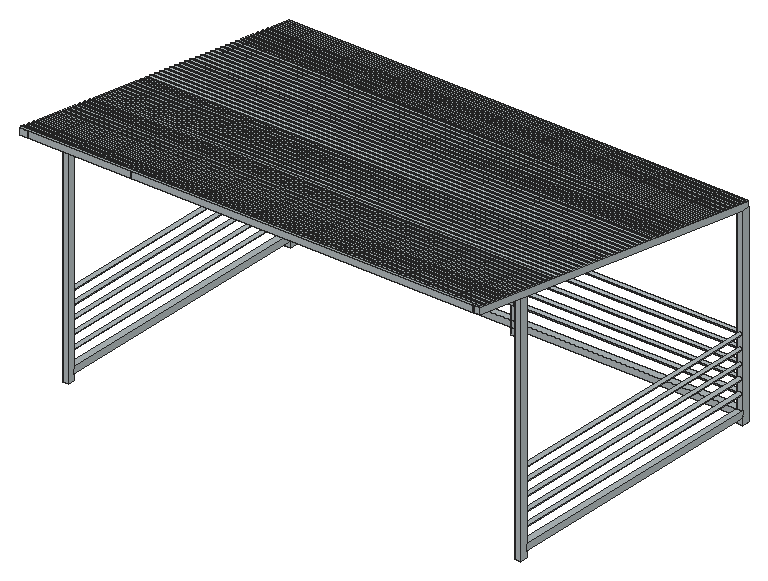
Revit family "8043685 Capella Steel Post Straight Tin Roof Galvanised – Sunken Foundation", category Furniture, Revit 2020
Family settings
  OmniClass Number = 23.21.23.13.15
  Work Plane-Based = No
  Always vertical = Yes
  Cut with Voids When Loaded = No
  Shared = No
  Room Calculation Point = No
Parameters (values of type "8043685 Galvanized")
  Uniclass 1.4 Description = "Furniture"
  Uniclass 1.4 Code = "L8211"
  URL = "https://www.hags.com/"
  QR code = ""
  Product url = "https://www.hags.com/en-us/furniture/park-and-urban-furniture/bicycle-storage/capella-cycle-shed/steel-post-sunken-foundation-straight-tin-roof-jan-2014-galvanised"
  Product name = "Capella Steel Post Vaulted Tin Roof Galvanized -Sunken Foundation"
  Product data url = ""
  Product SKU = ""
  Product Guid = "90e49432-c870-4a59-897e-b15016e8f9bd"
  OmniClass Description = ""
  OmniClass Code = "23-21 23 13 15"
  Model = "8043685"
  Manufacturer name = "HAGS"
  Manufacturer = "Hags"
  IFC Classification = "Furniture"
  Edition number = 1
  Description = "Capella Steel Post Straight Tin Roof "  # constant formula
  Default Elevation = 0 mm
  Construction material = Hags - Steel - Galvanized
  Body material_90 = Hags - Steel - Galvanized
  Body material = Hags - Steel - Galvanized
  BIMobject category = "bicycle-storage"
Reference planes
  plane 1 "Center (Front/Back)": y = 0
  plane 2: z = 0
  plane 3 "Center (Left/Right)": x = 0
Forms (mm)
  Extrusion 1, solid, material "Hags - Steel - Galvanized" <- "Construction material"
    sketch origin (0, 0, 0) x (1, 0, 0) y (0, 1, 0)
      loop
        line (2304.823, 1564.875) -> (2244.823, 1564.875) -> (2244.823, 1504.875) -> (2304.823, 1504.875) -> (2304.823, 1564.875)
      loop
        line (2247.823, 1561.875) -> (2247.823, 1507.875) -> (2301.823, 1507.875) -> (2301.823, 1561.875) -> (2247.823, 1561.875)
    from 0 to 1764.748
  Extrusion 2, solid, material "Hags - Steel - Galvanized" <- "Construction material"
    sketch origin (-4140, 0, 0) x (1, 0, 0) y (0, 1, 0)
      loop
        line (2304.823, 1564.875) -> (2244.823, 1564.875) -> (2244.823, 1504.875) -> (2304.823, 1504.875) -> (2304.823, 1564.875)
      loop
        line (2247.823, 1561.875) -> (2247.823, 1507.875) -> (2301.823, 1507.875) -> (2301.823, 1561.875) -> (2247.823, 1561.875)
    from 0 to 1800
  Extrusion 3, solid, material "Hags - Steel - Galvanized" <- "Construction material"
    sketch origin (0, -2540, 0) x (1, 0, 0) y (0, 1, 0)
      loop
        line (2304.823, 1564.875) -> (2244.823, 1564.875) -> (2244.823, 1504.875) -> (2304.823, 1504.875) -> (2304.823, 1564.875)
      loop
        line (2247.823, 1561.875) -> (2247.823, 1507.875) -> (2301.823, 1507.875) -> (2301.823, 1561.875) -> (2247.823, 1561.875)
    from 0 to 2200
  Extrusion 4, solid, material "Hags - Steel - Galvanized" <- "Construction material"
    sketch origin (-4140, -2540, 0) x (1, 0, 0) y (0, 1, 0)
      loop
        line (2304.823, 1564.875) -> (2244.823, 1564.875) -> (2244.823, 1504.875) -> (2304.823, 1504.875) -> (2304.823, 1564.875)
      loop
        line (2247.823, 1561.875) -> (2247.823, 1507.875) -> (2301.823, 1507.875) -> (2301.823, 1561.875) -> (2247.823, 1561.875)
    from 0 to 2200
  Extrusion 5, solid, material "Hags - Steel - Galvanized" <- "Construction material"
    sketch origin (0, 0, 1720) x (1, 0, 0) y (0, 1, 0)
      loop
        line (-1835.177, 1564.875) -> (-1835.177, 1504.875) -> (2244.823, 1504.875) -> (2244.823, 1564.875) -> (-1835.177, 1564.875)
    from 0 to 92.5
  Extrusion 6, solid, material "Hags - Steel - Galvanized" <- "Construction material"
    sketch origin (-1895, 0, 12.5) x (0, 1, 0) y (0, 0, 1)
      loop
        line (-1507.214, 2214.85) -> (1564.875, 1739.285) -> (1564.875, 1800) -> (-1507.214, 2275.565) -> (-1507.214, 2214.85)
    from -8.457 to 60
  Extrusion 7, solid, material "Hags - Steel - Galvanized" <- "Construction material"
    sketch origin (0, 438.948, 1324.714) x (1, 0, 0) y (0, 0.707107, -0.707107)
      loop
        line (-1835.177, 1519.875) -> (2244.823, 1519.875) -> (2244.823, 1549.875) -> (-1835.177, 1549.875) -> (-1835.177, 1519.875)
    from 0 to 30
  Extrusion 8, solid, material "Hags - Steel - Galvanized" <- "Construction material"
    sketch origin (0, 438.948, 1447.14) x (1, 0, 0) y (0, 0.707107, -0.707107)
      loop
        line (-1835.177, 1519.875) -> (2244.823, 1519.875) -> (2244.823, 1549.875) -> (-1835.177, 1549.875) -> (-1835.177, 1519.875)
    from 0 to 30
  Extrusion 9, solid, material "Hags - Steel - Galvanized" <- "Construction material"
    sketch origin (0, 438.948, 1569.64) x (1, 0, 0) y (0, 0.707107, -0.707107)
      loop
        line (-1835.177, 1519.875) -> (2244.823, 1519.875) -> (2244.823, 1549.875) -> (-1835.177, 1549.875) -> (-1835.177, 1519.875)
    from 0 to 30
  Extrusion 10, solid, material "Hags - Steel - Galvanized" <- "Construction material"
    sketch origin (0, 438.948, 1692.14) x (1, 0, 0) y (0, 0.707107, -0.707107)
      loop
        line (-1835.177, 1519.875) -> (2244.823, 1519.875) -> (2244.823, 1549.875) -> (-1835.177, 1549.875) -> (-1835.177, 1519.875)
    from 0 to 30
  Extrusion 11, solid, material "Hags - Steel - Galvanized" <- "Construction material"
    sketch origin (0, 438.948, 1814.64) x (1, 0, 0) y (0, 0.707107, -0.707107)
      loop
        line (-1835.177, 1519.875) -> (2244.823, 1519.875) -> (2244.823, 1549.875) -> (-1835.177, 1549.875) -> (-1835.177, 1519.875)
    from 0 to 30
  Extrusion 12, solid, material "Hags - Steel - Galvanized" <- "Construction material"
    sketch origin (0, 0, 60) x (1, 0, 0) y (0, 1, 0)
      loop
        line (-1835.177, 1564.875) -> (-1835.177, 1504.875) -> (2244.823, 1504.875) -> (2244.823, 1564.875) -> (-1835.177, 1564.875)
    from 0 to 60
  Extrusion 13, solid, material "Hags - Steel - Galvanized" <- "Construction material"
    sketch origin (1178.896, -315.401, 1324.714) x (0, -1, 0) y (0.707107, 0, -0.707107)
      loop
        line (-1820.276, 1519.875) -> (659.724, 1519.875) -> (659.724, 1549.875) -> (-1820.276, 1549.875) -> (-1820.276, 1519.875)
    from 0 to 30
  Extrusion 14, solid, material "Hags - Steel - Galvanized" <- "Construction material"
    sketch origin (1178.896, -315.401, 1447.14) x (0, -1, 0) y (0.707107, 0, -0.707107)
      loop
        line (-1820.276, 1519.875) -> (659.724, 1519.875) -> (659.724, 1549.875) -> (-1820.276, 1549.875) -> (-1820.276, 1519.875)
    from 0 to 30
  Extrusion 15, solid, material "Hags - Steel - Galvanized" <- "Construction material"
    sketch origin (1178.896, -315.401, 1569.64) x (0, -1, 0) y (0.707107, 0, -0.707107)
      loop
        line (-1820.276, 1519.875) -> (659.724, 1519.875) -> (659.724, 1549.875) -> (-1820.276, 1549.875) -> (-1820.276, 1519.875)
    from 0 to 30
  Extrusion 16, solid, material "Hags - Steel - Galvanized" <- "Construction material"
    sketch origin (1178.896, -315.401, 1692.14) x (0, -1, 0) y (0.707107, 0, -0.707107)
      loop
        line (-1820.276, 1519.875) -> (659.724, 1519.875) -> (659.724, 1549.875) -> (-1820.276, 1549.875) -> (-1820.276, 1519.875)
    from 0 to 30
  Extrusion 17, solid, material "Hags - Steel - Galvanized" <- "Construction material"
    sketch origin (1178.896, -315.401, 1814.64) x (0, -1, 0) y (0.707107, 0, -0.707107)
      loop
        line (-1820.276, 1519.875) -> (659.724, 1519.875) -> (659.724, 1549.875) -> (-1820.276, 1549.875) -> (-1820.276, 1519.875)
    from 0 to 30
  Extrusion 18, solid, material "Hags - Steel - Galvanized" <- "Construction material"
    sketch origin (739.949, -315.401, 60) x (0, -1, 0) y (1, 0, 0)
      loop
        line (-1820.276, 1564.875) -> (-1820.276, 1504.875) -> (659.724, 1504.875) -> (659.724, 1564.875) -> (-1820.276, 1564.875)
    from 0 to 60
  Extrusion 19, solid, material "Hags - Steel - Galvanized" <- "Construction material"
    sketch origin (-2960.927, -315.401, 1324.714) x (0, -1, 0) y (0.707107, 0, -0.707107)
      loop
        line (-1820.276, 1519.875) -> (659.724, 1519.875) -> (659.724, 1549.875) -> (-1820.276, 1549.875) -> (-1820.276, 1519.875)
    from 0 to 30
  Extrusion 20, solid, material "Hags - Steel - Galvanized" <- "Construction material"
    sketch origin (-2960.927, -315.401, 1447.14) x (0, -1, 0) y (0.707107, 0, -0.707107)
      loop
        line (-1820.276, 1519.875) -> (659.724, 1519.875) -> (659.724, 1549.875) -> (-1820.276, 1549.875) -> (-1820.276, 1519.875)
    from 0 to 30
  Extrusion 21, solid, material "Hags - Steel - Galvanized" <- "Construction material"
    sketch origin (-2960.927, -315.401, 1569.64) x (0, -1, 0) y (0.707107, 0, -0.707107)
      loop
        line (-1820.276, 1519.875) -> (659.724, 1519.875) -> (659.724, 1549.875) -> (-1820.276, 1549.875) -> (-1820.276, 1519.875)
    from 0 to 30
  Extrusion 22, solid, material "Hags - Steel - Galvanized" <- "Construction material"
    sketch origin (-2960.927, -315.401, 1692.14) x (0, -1, 0) y (0.707107, 0, -0.707107)
      loop
        line (-1820.276, 1519.875) -> (659.724, 1519.875) -> (659.724, 1549.875) -> (-1820.276, 1549.875) -> (-1820.276, 1519.875)
    from 0 to 30
  Extrusion 23, solid, material "Hags - Steel - Galvanized" <- "Construction material"
    sketch origin (-2960.927, -315.401, 1814.64) x (0, -1, 0) y (0.707107, 0, -0.707107)
      loop
        line (-1820.276, 1519.875) -> (659.724, 1519.875) -> (659.724, 1549.875) -> (-1820.276, 1549.875) -> (-1820.276, 1519.875)
    from 0 to 30
  Extrusion 24, solid, material "Hags - Steel - Galvanized" <- "Construction material"
    sketch origin (-3399.875, -315.401, 60) x (0, -1, 0) y (1, 0, 0)
      loop
        line (-1820.276, 1564.875) -> (-1820.276, 1504.875) -> (659.724, 1504.875) -> (659.724, 1564.875) -> (-1820.276, 1564.875)
    from 0 to 60
  Extrusion 25, solid, material "Hags - Steel - Galvanized" <- "Construction material"
    sketch origin (0.177, -3012.088, 2228.119) x (1, 0, 0) y (0, 1, 0)
      loop
        line (-1835.177, 1564.875) -> (-1835.177, 1504.875) -> (2244.823, 1504.875) -> (2244.823, 1564.875) -> (-1835.177, 1564.875)
    from 0 to 53.762
  Extrusion 26, solid, material "Hags - Steel - Galvanized" <- "Construction material"
    sketch origin (0.177, -2549.912, 2079.994) x (1, 0, 0) y (0, 1, 0)
      loop
        line (-1835.177, 1564.875) -> (-1835.177, 1504.875) -> (2244.823, 1504.875) -> (2244.823, 1564.875) -> (-1835.177, 1564.875)
    from 0 to 60
  Extrusion 27, solid, material "Hags - Steel - Galvanized" <- "Construction material"
    sketch origin (-2070, 0, 0) x (1, 0, 0) y (0, 1, 0)
      loop
        line (2304.823, 1564.875) -> (2244.823, 1564.875) -> (2244.823, 1504.875) -> (2304.823, 1504.875) -> (2304.823, 1564.875)
      loop
        line (2247.823, 1561.875) -> (2247.823, 1507.875) -> (2301.823, 1507.875) -> (2301.823, 1561.875) -> (2247.823, 1561.875)
    from 0 to 1764.748
  Extrusion 28, solid, material "Hags - Steel - Galvanized" <- "Construction material"
    sketch origin (2244.823, 0, 12.5) x (0, 1, 0) y (0, 0, 1)
      loop
        line (-1507.214, 2214.85) -> (1564.875, 1739.285) -> (1564.875, 1800) -> (-1507.214, 2275.565) -> (-1507.214, 2214.85)
    from -8.457 to 60
  Extrusion 29, solid, material "Hags - Steel - Galvanized" <- "Construction material"
    sketch origin (-955.059, 0, 12.5) x (0, 1, 0) y (0, 0, 1)
      loop
        line (-1500.037, 2213.739) -> (1564.875, 1739.285) -> (1564.875, 1800) -> (-1500.037, 2274.454) -> (-1500.037, 2213.739)
    from -8.457 to 60
  Extrusion 30, solid, material "Hags - Steel - Galvanized" <- "Construction material"
    sketch origin (103.516, 0.037, 12.5) x (0, 1, 0) y (0, 0, 1)
      loop
        line (-1500.037, 2213.739) -> (1564.875, 1739.285) -> (1564.875, 1800) -> (-1500.037, 2274.454) -> (-1500.037, 2213.739)
    from -8.457 to 60
  Extrusion 31, solid, material "Hags - Steel - Galvanized" <- "Construction material"
    sketch origin (1200, 0.037, 12.5) x (0, 1, 0) y (0, 0, 1)
      loop
        line (-1500.037, 2213.739) -> (1564.875, 1739.285) -> (1564.875, 1800) -> (-1500.037, 2274.454) -> (-1500.037, 2213.739)
    from -8.457 to 60
  Extrusion 32, solid, material "Hags - Steel - Galvanized" <- "Body material"
    sketch origin (-3.514, 0.125, 0.082) x (0, 1, 0) y (0, 0, 1)
      loop
        line (-1507.375, 2288.144) -> (1564.891, 1812.552) -> (1562.391, 1816.882) -> (1557.391, 1825.543) -> (1537.626, 1828.602) -> (1529.194, 1821.526) -> (1504.488, 1825.351) -> (1499.174, 1834.555) -> (1479.41, 1837.614) -> (1470.977, 1830.538) -> (1446.271, 1834.363) -> (1440.958, 1843.567) -> (1421.193, 1846.626) -> (1412.76, 1839.55) -> (1388.055, 1843.375) -> (1382.741, 1852.579) -> (1362.976, 1855.638) -> (1354.544, 1848.562) -> (1329.838, 1852.387) -> (1324.524, 1861.591) -> (1304.76, 1864.65) -> (1296.327, 1857.575) -> (1271.621, 1861.399) -> (1266.308, 1870.603) -> (1246.543, 1873.662) -> (1238.11, 1866.587) -> (1213.405, 1870.411) -> (1208.091, 1879.615) -> (1188.326, 1882.674) -> (1179.894, 1875.599) -> (1155.188, 1879.423) -> (1149.874, 1888.627) -> (1130.11, 1891.686) -> (1121.677, 1884.611) -> (1096.971, 1888.435) -> (1091.657, 1897.639) -> (1071.893, 1900.698) -> (1063.46, 1893.623) -> (1038.755, 1897.447) -> (1033.441, 1906.651) -> (1013.676, 1909.711) -> (1005.244, 1902.635) -> (980.538, 1906.459) -> (975.224, 1915.663) -> (955.459, 1918.723) -> (947.027, 1911.647) -> (922.321, 1915.471) -> (917.007, 1924.675) -> (897.243, 1927.735) -> (888.81, 1920.659) -> (864.104, 1924.483) -> (858.791, 1933.687) -> (839.026, 1936.747) -> (830.594, 1929.671) -> (805.888, 1933.495) -> (800.574, 1942.699) -> (780.809, 1945.759) -> (772.377, 1938.683) -> (747.671, 1942.507) -> (742.357, 1951.711) -> (722.593, 1954.771) -> (714.16, 1947.695) -> (689.454, 1951.519) -> (684.141, 1960.723) -> (664.376, 1963.783) -> (655.943, 1956.707) -> (631.238, 1960.532) -> (625.924, 1969.735) -> (606.159, 1972.795) -> (597.727, 1965.719) -> (573.021, 1969.544) -> (567.707, 1978.747) -> (547.943, 1981.807) -> (539.51, 1974.731) -> (514.804, 1978.556) -> (509.491, 1987.759) -> (489.726, 1990.819) -> (481.293, 1983.743) -> (456.588, 1987.568) -> (451.274, 1996.771) -> (431.509, 1999.831) -> (423.077, 1992.755) -> (398.371, 1996.58) -> (393.057, 2005.783) -> (373.293, 2008.843) -> (364.86, 2001.767) -> (340.154, 2005.592) -> (334.841, 2014.795) -> (315.076, 2017.855) -> (306.643, 2010.779) -> (281.938, 2014.604) -> (276.624, 2023.808) -> (256.859, 2026.867) -> (248.427, 2019.791) -> (223.721, 2023.616) -> (218.407, 2032.82) -> (198.643, 2035.879) -> (190.21, 2028.803) -> (165.504, 2032.628) -> (160.19, 2041.832) -> (140.426, 2044.891) -> (131.993, 2037.815) -> (107.288, 2041.64) -> (101.974, 2050.844) -> (82.209, 2053.903) -> (73.777, 2046.827) -> (49.071, 2050.652) -> (43.757, 2059.856) -> (23.992, 2062.915) -> (15.56, 2055.84) -> (-9.146, 2059.664) -> (-14.46, 2068.868) -> (-34.224, 2071.927) -> (-42.657, 2064.852) -> (-67.363, 2068.676) -> (-72.676, 2077.88) -> (-92.441, 2080.939) -> (-100.873, 2073.864) -> (-125.579, 2077.688) -> (-130.893, 2086.892) -> (-150.658, 2089.951) -> (-159.09, 2082.876) -> (-183.796, 2086.7) -> (-189.11, 2095.904) -> (-208.874, 2098.964) -> (-217.307, 2091.888) -> (-242.013, 2095.712) -> (-247.326, 2104.916) -> (-267.091, 2107.976) -> (-275.524, 2100.9) -> (-300.229, 2104.724) -> (-305.543, 2113.928) -> (-325.308, 2116.988) -> (-333.74, 2109.912) -> (-358.446, 2113.736) -> (-363.76, 2122.94) -> (-383.524, 2126) -> (-391.957, 2118.924) -> (-416.663, 2122.748) -> (-421.976, 2131.952) -> (-441.741, 2135.012) -> (-450.174, 2127.936) -> (-474.879, 2131.76) -> (-480.193, 2140.964) -> (-499.958, 2144.024) -> (-508.39, 2136.948) -> (-533.096, 2140.772) -> (-538.41, 2149.976) -> (-558.174, 2153.036) -> (-566.607, 2145.96) -> (-591.313, 2149.784) -> (-596.627, 2158.988) -> (-616.391, 2162.048) -> (-624.824, 2154.972) -> (-649.529, 2158.797) -> (-654.843, 2168) -> (-674.608, 2171.06) -> (-683.04, 2163.984) -> (-707.746, 2167.809) -> (-713.06, 2177.012) -> (-732.824, 2180.072) -> (-741.257, 2172.996) -> (-765.963, 2176.821) -> (-771.277, 2186.024) -> (-791.041, 2189.084) -> (-799.474, 2182.008) -> (-824.179, 2185.833) -> (-829.493, 2195.036) -> (-849.258, 2198.096) -> (-857.69, 2191.02) -> (-882.396, 2194.845) -> (-887.71, 2204.048) -> (-907.475, 2207.108) -> (-915.907, 2200.032) -> (-940.613, 2203.857) -> (-945.927, 2213.061) -> (-965.691, 2216.12) -> (-974.124, 2209.044) -> (-998.83, 2212.869) -> (-1004.143, 2222.073) -> (-1023.908, 2225.132) -> (-1032.341, 2218.056) -> (-1057.046, 2221.881) -> (-1062.36, 2231.085) -> (-1082.125, 2234.144) -> (-1090.557, 2227.068) -> (-1115.263, 2230.893) -> (-1120.577, 2240.097) -> (-1140.341, 2243.156) -> (-1148.774, 2236.08) -> (-1173.48, 2239.905) -> (-1178.793, 2249.109) -> (-1198.558, 2252.168) -> (-1206.991, 2245.093) -> (-1231.696, 2248.917) -> (-1237.01, 2258.121) -> (-1256.775, 2261.18) -> (-1265.207, 2254.105) -> (-1289.913, 2257.929) -> (-1295.227, 2267.133) -> (-1314.991, 2270.192) -> (-1323.424, 2263.117) -> (-1348.13, 2266.941) -> (-1353.443, 2276.145) -> (-1373.208, 2279.204) -> (-1381.641, 2272.129) -> (-1406.346, 2275.953) -> (-1411.66, 2285.157) -> (-1431.425, 2288.216) -> (-1439.857, 2281.141) -> (-1464.563, 2284.965) -> (-1469.877, 2294.169) -> (-1489.641, 2297.229) -> (-1498.402, 2289.877) -> (-1504.602, 2302.044) -> (-1507.375, 2288.144)
    from -1895.177 to 2304.823
Dimensions and locks
  aligned and locked: level to plane 2
